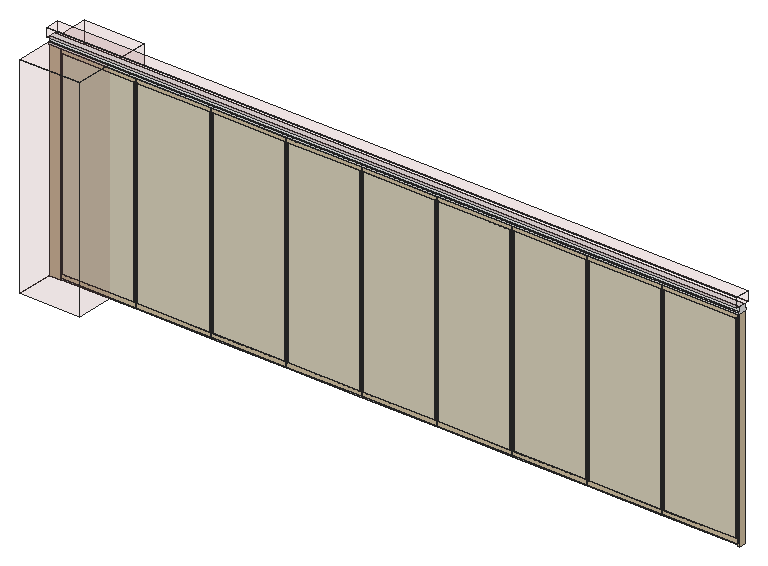
Revit family "Partition_Corflex_5500_Series_Inside_Pocket", category Specialty Equipment, Revit 2023
Family settings
  Round Connector Dimension = Use Diameter
  Part Type = Normal
  OmniClass Number = 23.25.40.17.11
  OmniClass Title = Horizontally Sliding Partitions
  Work Plane-Based = No
  Enable Cutting in Views = No
  Always vertical = Yes
  Cut with Voids When Loaded = No
  Maintain Annotation Orientation = No
  Shared = No
  Room Calculation Point = No
Parameters (values of type "Without Pocket")
  Track back offset [instance] = 0 mm  # constant formula
  Unit Height [instance] = Opening Height Auxiliary - Finished Floor Thickness - Track Location Control  # 3022.6 mm
  URL = "http://www.corflex.ca/"
  Track Lenght [instance] = 10000 mm
  Track front offset [instance] = 0 mm  # constant formula
  Track Width Above = 88.9 mm  # constant formula
  Track Width = 127 mm  # constant formula
  Track Location Control [instance] = if(Flush Ceiling Track, 0 mm, 25.4 mm)  # 25.4 mm
  Track Height = 88.9 mm  # constant formula
  Swing Angle [instance] = if(Limit Pocket Door Swing Angle, 90.00°, 135.00°)  # 135.00°
  Show Stacked [instance] = no
  Pocket Walls = no
  Panel Width Stacked [instance] = Panel Width  # 1090 mm
  Stack Spacing Plan Control [instance] = Stack Spacing Plan / 2  # 46 mm
  Stack Spacing Plan [instance] = Panel Thickness + Field Decoration Allowance  # 92 mm
  Stack Depth Allowance [instance] = if(Panel Finish Carpet, 12.7 mm, 3.969 mm)  # 3.969 mm
  Stack Depth [instance] = (Panel Thickness * Total Panel Quantity) + 38 mm  # 866 mm
  Specification sheet = ""
  Specification = "https://www.arcat.com/company/corflex-partitions-inc-39436/spec"
  Show Extended [instance] = not(Show Stacked)  # yes
  Product Page URL = "https://www.arcat.com/company/corflex-partitions-inc-39436"
  Panel Thickness [instance] = 92 mm  # constant formula
  Opening Width [instance] = 10000 mm
  Panel Quantity Auxiliary [instance] = roundup((Opening Width - Closure Width Trail - Closure Width Lead Standard) / Panel Width Max) + Additional Panel Quantity  # 9
  Total Panel Quantity [instance] = (roundup((Opening Width - Closure Width Trail - Closure Width Lead Calculated) / Panel Width Max)) + Additional Panel Quantity  # 9
  Opening Height [instance] = 3048 mm
  Keynote = "10 22 26"
  Pocket Doors = no
  Pocket Door Type = if(Enter Pocket Door Type = 0, "None", if(Enter Pocket Door Type = 2, "2", if(Enter Pocket Door Type = 3, "3", "Invalid")))  # "3"
  Flush Ceiling Track [instance] = no
  Enter Pocket Door Type = 3  # constant formula
  Pocket Door Left Opening [instance] = if(Enter Pocket Door Type = 3, (Clearance Width - 159 mm) / 2, Clearance Width - Pocket Door Right Opening)  # 503.5 mm
  Pocket Door Right Opening [instance] = if(Enter Pocket Door Type = 3, (Clearance Width - 159 mm) / 2, if(Enter Pocket Door Type = 2, (Clearance Width / 2) + 88.9 mm, Clearance Width / 2))  # 503.5 mm
  Partition Width [instance] = (Panel Width * Total Panel Quantity) + Closure Width Lead Calculated + Closure Width Trail  # 10000 mm
  Panel Width Min = 533 mm  # constant formula
  Panel Width Max = 1219 mm  # constant formula
  Panel Width [instance] = if(((Opening Width - Closure Width Trail - Closure Width Lead Calculated) / Total Panel Quantity) > 1219 mm, ((Opening Width - Closure Width Trail - Closure Width Lead Calculated) / (Total Panel Quantity + 1)), ((Opening Width - Closure Width Trail - Closure Width Lead Calculated) / Total Panel Quantity))  # 1090 mm
  Panel Finish Vinyl [instance] = not(Panel Finish Carpet)  # yes
  Panel Finish Carpet [instance] = no
  Model = "5500"  # constant formula
  Manufacturer Telephone = "1 877 410-2422 or (1) 450 444-2441"  # constant formula
  Manufacturer = "Corflex, Inc."  # constant formula
  Limit Pocket Door Swing Angle [instance] = no
  Finished Floor Thickness [instance] = 0 mm
  Finish Material Track = Corflex - Track - Clear anodized
  Finish Material Pocket Door = Corflex - Vinyl - Blizzard
  Finish Material Panel = Corflex - Vinyl - Blizzard
  Finish Material Metal = Corflex - Trim - Beige
  Field Decoration Allowance [instance] = 0 mm
  Default Elevation = 0 mm
  Description = "Operable Partition"  # constant formula
  Copyright = "ARCAT"
  Closure Width Trail = 152 mm  # constant formula
  Closure Width Lead Calculated [instance] = if(and(Panel Quantity Auxiliary > 15, Closure Width Lead 102 mm Only Available if Panel Quantity Exceeds 15 Panels), 102 mm, if(and(Panel Quantity Auxiliary > 15, Closure Width Lead 114 mm Only Available if Panel Quantity Exceeds 15 Panels), 114 mm, if(and(Panel Quantity Auxiliary > 15, Closure Width Lead 152 mm Only Available if Panel Quantity Exceeds 15 Panels), 152 mm, 38 mm)))  # 38 mm
  Closure Width Lead 152 mm Only Available if Panel Quantity Exceeds 15 Panels [instance] = no
  Closure Width Lead 114 mm Only Available if Panel Quantity Exceeds 15 Panels [instance] = no
  Closure Width Lead 102 mm Only Available if Panel Quantity Exceeds 15 Panels [instance] = no
  Closure Width Lead Standard = 38 mm  # constant formula
  Closure Type Trail = "Lever"  # constant formula
  Closure Type Lead = if(Closure Width Lead Standard = 38 mm, "Bulb Seal", if(Closure Width Lead Standard = 154 mm, "Lever", if(Closure Width Lead Standard = 102 mm, "Wall Jamb", "Contact Manufacturer")))  # "Bulb Seal"
  Clearance Width [instance] = if(and(Pocket Doors, Pocket Walls), Panel Width + 400 mm, if(and(not(Pocket Doors), Pocket Walls), Panel Width + 304 mm, Panel Width + 76 mm))  # 1166 mm
  Clearance Depth [instance] = if(and(Pocket Doors, Pocket Walls), (Panel Thickness * Total Panel Quantity) + 240 mm, if(and(not(Pocket Doors), Pocket Walls), (Panel Thickness * Total Panel Quantity) + 140 mm, (Panel Thickness * Total Panel Quantity) + 38 mm))  # 866 mm
  Opening Height Auxiliary [instance] = if(and(Additional Panel Quantity < 0, ((Opening Width - Closure Width Trail - Closure Width Lead Calculated) / Total Panel Quantity) > 1219 mm), -50 mm, if(Opening Height > 6096 mm, 6096 mm, Opening Height))  # 3048 mm
  CSI MasterFormat 2004 = "10 22 26"
  CSI MasterFormat = "10 22 39"
  CAD Details = "https://www.arcat.com/company/corflex-partitions-inc-39436/cad"
  Assembly Code = "C1010300"
  Additional Panel Quantity [instance] = 0
  Acoustic Seal [instance] = yes
  Door Panel Position From Left [instance] = Panel Width / 2  # 545 mm
Types (3, lengths in mm): name | Track Lenght | Pocket Walls | Pocket Doors | Pocket Door Left Opening | Pocket Door Right Opening | Clearance Width | Clearance Depth
  Without Pocket | 10000 | no | no | 503.5 | 503.5 | 1166 | 866
  Inside Pocket | 11000 | yes | no | 617.5 | 617.5 | 1394 | 968
  Inside Pocket with Door | 10000 | yes | yes | 665.5 | 665.5 | 1490 | 1068
Reference planes
  plane 1 "Center (Front/Back)": y = 0
  plane 2 "Origin": z = 0
  plane 3 "Left": x = 0
  plane 4 "Right": x = 10000
  plane 5 "Back Panel": y = 46
  plane 6 "Front Panel": y = -46
  plane 7 "Back": y = 583
  plane 8 "Front": y = -583
  plane 9 "Back Track": y = 63.5
  plane 10 "Front Track": y = -63.5
  plane 11 "Array First Extended": x = 152
  plane 12 "Array Second Extended": x = 1242
  plane 13 "Right Clearance": x = 866
  plane 14 "Right Stack Depth": x = 866
  plane 15 "Right Closure Lead": x = 9962
  plane 16 "Top Clearance": z = 3251.2
  plane 17 "Bottom Panel": z = 0
  plane 18 "Top": z = 3111.5
  plane 19 "Bottom Track": z = 3022.6
  plane 20 "Center Track (Elevation)": z = 3048
  plane 21 "Ceiling Height": z = 3048
  plane 22 "Array First Stacked Control": x = 3.969
  plane 23 "Panel Thickness": x = 95.969
  plane 24 "Array Second Stacked Control": x = 99.937
  plane 25 "Back Track Clearance": y = 101.6
  plane 26 "Front Track Clearance": y = -101.6
  plane 27 "Array First Stacked": x = 49.969
  plane 28 "Array Second Stacked": x = 145.937
  plane 29: x = 10000
  plane 30: x = 0
Forms (mm)
  Extrusion 1, solid, material "Corflex - Track - Clear anodized" <- "Finish Material Track"
    sketch origin (0, 0, 0) x (0, 1, 0) y (0, 0, 1)
      loop
        line (44.45, 3111.5) -> (-44.45, 3111.5) -> (-44.45, 3048) -> (-63.5, 3048) -> (-63.5, 3022.6) -> (63.5, 3022.6) -> (63.5, 3048) -> (44.45, 3048) -> (44.45, 3111.5)
    from 0 to 10000
  Extrusion 2, solid, material "Corflex - Clearance beam and track"
    sketch origin (0, 0, 0) x (1, 0, 0) y (0, 1, 0)
      loop
        line (866, 583) -> (0, 583) -> (0, -583) -> (866, -583) -> (866, 583)
    from 0 to 3048
  Extrusion 3, solid, material "Corflex - Clearance beam and track"
    sketch origin (0, 0, 0) x (0, 1, 0) y (0, 0, 1)
      loop
        line (101.6, 3251.2) -> (-101.6, 3251.2) -> (-101.6, 3111.5) -> (101.6, 3111.5) -> (101.6, 3251.2)
    from 0 to 10000
  Extrusion 4, solid, visible <- "Pocket Walls"
    sketch origin (0, 0, 0) x (1, 0, 0) y (0, 1, 0)
      loop
        line (866, -760.8) -> (866, -583) -> (0, -583) -> (0, -760.8) -> (866, -760.8)
      loop
        line (866, 760.8) -> (0, 760.8) -> (0, 583) -> (866, 583) -> (866, 760.8)
    from 0 to 3022.6
Lines and regions (mm)
  symbolic lines, style "Clearance"
    curve 1: line (0, 0, 3251.2) -> (10000, 0, 3251.2)
    curve 2: line (0, 0, 3251.2) -> (0, 0, 0)
    curve 3: line (866, 0, 3048) -> (866, 0, 0)
    curve 4: line (10000, 0, 3251.2) -> (10000, 0, 3048)
    curve 6: line (0, 583, 3048) -> (0, 583, 0)
    curve 7: line (0, -583, 3048) -> (0, -583, 0)
    curve 10: line (0, 0, 3048) -> (10000, 0, 3048)
    curve 11: line (0, 583, 0) -> (0, -583, 0)
    curve 12: line (0, 101.6, 3251.2) -> (0, -101.6, 3251.2)
    curve 13: line (0, 101.6, 3251.2) -> (0, 101.6, 3048)
    curve 14: line (0, -101.6, 3251.2) -> (0, -101.6, 3048)
    curve 15: line (0, 583, 3048) -> (0, 101.6, 3048)
    curve 16: line (0, -101.6, 3048) -> (0, -583, 3048)
    curve 19: line (0, 0, 0) -> (866, 0, 0)
    curve 20: line (0, 583, 0) -> (0, -583, 0)
    curve 21: line (866, 583, 0) -> (0, 583, 0)
    curve 22: line (866, -583, 0) -> (0, -583, 0)
    curve 23: line (866, 583, 0) -> (866, -583, 0)
    curve 24: line (0, 583, 0) -> (0, -583, 0)
    curve 25: line (866, 583, 0) -> (866, -583, 0)
  symbolic lines, style "Clearance", detail levels medium+fine
    curve 5: line (0, 101.6, 3251.2) -> (0, -101.6, 3251.2)
  symbolic lines, style "Overhead"
    curve 8: line (10000, 63.5, 3048) -> (0, 63.5, 3048)
    curve 9: line (10000, -63.5, 3048) -> (0, -63.5, 3048)
    curve 17: line (10000, 63.5, 3048) -> (10000, -63.5, 3048)
    curve 18: line (0, 63.5, 3048) -> (0, -63.5, 3048)
Dimensions and locks
  equal spacing: plane 8 "Front", plane 1 "Center (Front/Back)", plane 7 "Back"
  "Clearance Width": plane 8 "Front" to plane 7 "Back"
  "Track Width": plane 10 "Front Track" to plane 9 "Back Track"
  equal spacing: plane 10 "Front Track", plane 1 "Center (Front/Back)", plane 9 "Back Track"
  "Panel Thickness": plane 6 "Front Panel" to plane 5 "Back Panel"
  equal spacing: plane 6 "Front Panel", plane 1 "Center (Front/Back)", plane 5 "Back Panel"
  "Opening Width": plane 3 "Left" to plane 4 "Right"
  "Panel Width": plane 11 "Array First Extended" to plane 12 "Array Second Extended"
  "Clearance Depth": plane 3 "Left" to plane 13 "Right Clearance"
  "Stack Depth": plane 3 "Left" to plane 14 "Right Stack Depth"
  "Closure Width Lead Calculated": plane 15 "Right Closure Lead" to plane 4 "Right"
  "Finished Floor Thickness": plane 17 "Bottom Panel" to level
  "Track Height": plane 18 "Top" to plane 19 "Bottom Track"
  locked: plane 20 "Center Track (Elevation)" to plane 19 "Bottom Track" at 25.4
  "Track Location Control": plane 21 "Ceiling Height" to plane 19 "Bottom Track"
  "Opening Height Auxiliary": plane 21 "Ceiling Height" to level
  locked: plane 16 "Top Clearance" to plane 21 "Ceiling Height" at 203.2
  equal spacing: group 1, group 2, group 3, group 4, group 9, group 10, group 11, group 12, group 17  (x3)
  "Stack Depth Allowance": plane 3 "Left" to plane 22 "Array First Stacked Control"
  "Stack Spacing Plan": plane 22 "Array First Stacked Control" to plane 23 "Panel Thickness"
  "Stack Depth Allowance": plane 23 "Panel Thickness" to plane 24 "Array Second Stacked Control"
  "Track Width Above": Extrusion 1 sketch curve to Extrusion 1 sketch curve
  locked: plane 26 "Front Track Clearance" to plane 25 "Back Track Clearance" at 203.2
  equal spacing: plane 26 "Front Track Clearance", plane 1 "Center (Front/Back)", plane 25 "Back Track Clearance"
  equal spacing: Extrusion 1 sketch curve, plane 1 "Center (Front/Back)", Extrusion 1 sketch curve
  "Stack Spacing Plan Control": plane 24 "Array Second Stacked Control" to plane 28 "Array Second Stacked"
  equal spacing: plane 22 "Array First Stacked Control", plane 27 "Array First Stacked", plane 23 "Panel Thickness"
  equal spacing: group 5, group 6, group 7, group 8, group 13, group 14, group 15, group 16, group 18  (x3)
  "Track back offset": plane 30 to plane 3 "Left"
  "Track front offset": plane 4 "Right" to plane 29
  "Track Lenght": plane 30 to plane 29
  "Closure Width Trail": plane 3 "Left" to plane 11 "Array First Extended"
  locked: plane 7 "Back" to Extrusion 4 sketch curve at 177.8
  locked: Extrusion 4 sketch curve to plane 8 "Front" at 177.8
  aligned and locked: plane 2 "Origin" to level
  aligned and locked: plane 1 "Center (Front/Back)" to nested 1
  aligned and locked: Extrusion 2 sketch curve to plane 7 "Back"
  aligned and locked: Extrusion 2 sketch curve to plane 3 "Left"
  aligned and locked: Extrusion 2 sketch curve to plane 8 "Front"
  aligned and locked: Extrusion 1 sketch curve to plane 19 "Bottom Track"
  aligned and locked: Extrusion 1 sketch curve to plane 20 "Center Track (Elevation)"  (x2)
  aligned and locked: Extrusion 1 sketch curve to plane 18 "Top"
  aligned and locked: Extrusion 1 sketch curve to plane 9 "Back Track"
  aligned and locked: Extrusion 1 sketch curve to plane 10 "Front Track"
  aligned and locked: nested 5 to plane 1 "Center (Front/Back)"
  aligned and locked: plane 1 "Center (Front/Back)" to nested 6
  aligned and locked: plane 4 "Right" to nested 6
  aligned and locked: plane 16 "Top Clearance" to Extrusion 3 sketch curve
  aligned and locked: curve 1 to plane 16 "Top Clearance"
  aligned and locked: curve 2 to plane 3 "Left"
  aligned and locked: curve 3 to plane 13 "Right Clearance"
  aligned and locked: curve 4 to plane 4 "Right"
  aligned and locked: plane 21 "Ceiling Height" to curve 3
  aligned and locked: plane 7 "Back" to curve 6
  aligned and locked: plane 8 "Front" to curve 7
  aligned and locked: curve 8 to plane 9 "Back Track"
  aligned and locked: plane 3 "Left" to curve 8
  aligned and locked: plane 4 "Right" to curve 8
  aligned and locked: curve 9 to plane 10 "Front Track"
  aligned and locked: Extrusion 3 sketch curve to plane 25 "Back Track Clearance"
  aligned and locked: Extrusion 3 sketch curve to plane 26 "Front Track Clearance"
  aligned and locked: plane 3 "Left" to curve 10
  aligned and locked: curve 10 to plane 21 "Ceiling Height"
  aligned and locked: plane 4 "Right" to curve 10
  aligned and locked: plane 1 "Center (Front/Back)" to nested 7
  aligned and locked: nested 7 to plane 13 "Right Clearance"
  aligned and locked: plane 17 "Bottom Panel" to curve 11
  aligned and locked: plane 16 "Top Clearance" to curve 12
  aligned and locked: plane 25 "Back Track Clearance" to curve 13
  aligned and locked: plane 26 "Front Track Clearance" to curve 14
  aligned and locked: plane 21 "Ceiling Height" to curve 15
  aligned and locked: plane 21 "Ceiling Height" to curve 16
  aligned and locked: curve 19 to plane 17 "Bottom Panel"
  aligned and locked: curve 23 to plane 13 "Right Clearance"
  aligned and locked: curve 20 to plane 3 "Left"
  aligned and locked: plane 27 "Array First Stacked" to nested 8
  aligned and locked: plane 28 "Array Second Stacked" to nested 9
  aligned and locked: nested 9 to plane 1 "Center (Front/Back)"
  aligned and locked: Extrusion 3 to plane 18 "Top"
  aligned and locked: plane 14 "Right Stack Depth" to Extrusion 2
  aligned and locked: plane 29 to Extrusion 1
  aligned and locked: plane 29 to Extrusion 3
  aligned and locked: Extrusion 1 to plane 30
  aligned and locked: Extrusion 3 to plane 30
  aligned and locked: plane 21 "Ceiling Height" to Extrusion 2
  aligned and locked: nested 8 to plane 1 "Center (Front/Back)"
  aligned and locked: plane 1 "Center (Front/Back)" to nested 20
  aligned and locked: plane 11 "Array First Extended" to nested 1
  aligned and locked: plane 12 "Array Second Extended" to nested 2
  aligned and locked: nested 5 to plane 3 "Left"
  aligned and locked: Extrusion 4 sketch curve to plane 3 "Left"
  aligned and locked: plane 7 "Back" to Extrusion 4 sketch curve
  aligned and locked: plane 13 "Right Clearance" to Extrusion 4 sketch curve
  aligned and locked: plane 8 "Front" to Extrusion 4 sketch curve
  aligned and locked: Extrusion 4 sketch curve to plane 13 "Right Clearance"
  aligned and locked: plane 3 "Left" to Extrusion 4 sketch curve
  aligned and locked: plane 19 "Bottom Track" to Extrusion 4
  aligned and locked: curve 21 to plane 7 "Back"
  aligned and locked: curve 22 to plane 8 "Front"
Automatic sketch dimensions
  Extrusion 2 sketch curve to plane 14 "Right Stack Depth" = 0 mm
  Extrusion 3 sketch curve to plane 18 "Top" = 0 mm
Nested families
  nested 1: "Panel" at (697, 0, 0), visible <- "Show Extended", Acoustic Seal <- "Acoustic Seal", type "Extended"
    with Acoustic Seal yes
  nested 2: "Panel" at (1787, 0, 0), visible <- "Show Extended", Acoustic Seal <- "Acoustic Seal", type "Extended"
    with Acoustic Seal yes
  nested 3: "Panel" at (2877, 0, 0), visible <- "Show Extended", Acoustic Seal <- "Acoustic Seal", type "Extended"
    with Acoustic Seal yes
  nested 4: "Panel" at (3967, 0, 0), visible <- "Show Extended", Acoustic Seal <- "Acoustic Seal", type "Extended"
    with Acoustic Seal yes
  nested 5: "Closure" at (152, 0, 0) x (-1, 0, 0) z (0, 0, 1), type "Trail"
    with Show Stacked no, Show Extended yes, Panel Thickness 92 mm, Not Flange yes, Masking Region Depth 0 mm, Height 3022.6 mm, Closure Width 152 mm, Ceiling Height 3048 mm, Bottom Seal Height 25 mm
  nested 6: "Closure" at (9962, 0, 0), type "Lead"
    with Show Stacked no, Show Extended yes, Panel Thickness 92 mm, Not Flange yes, Masking Region Depth 0 mm, Height 3022.6 mm, Closure Width 38 mm, Ceiling Height 3048 mm, Bottom Seal Height 25 mm
  nested 7: "Pocket Door Multiple" at (866, 0, 0) x (0, -1, 0) z (0, 0, 1), visible <- "Pocket Doors", type "Pocket Door Multiple"
    with Width 1166 mm, Left Panel Width 455.875 mm, Right Panel Width 455.875 mm, Left Opening 503.5 mm, Right Opening 503.5 mm
  nested 8: "Panel" at (49.969, 0, 0) x (0, 1, 0) z (0, 0, 1), visible <- "Show Stacked", type "Stacked"
    with Acoustic Seal no
  nested 9: "Panel" at (145.938, 0, 0) x (0, 1, 0) z (0, 0, 1), visible <- "Show Stacked", type "Stacked"
    with Acoustic Seal no
  nested 10: "Panel" at (241.906, 0, 0) x (0, 1, 0) z (0, 0, 1), visible <- "Show Stacked", type "Stacked"
    with Acoustic Seal no
  nested 11: "Panel" at (337.875, 0, 0) x (0, 1, 0) z (0, 0, 1), visible <- "Show Stacked", type "Stacked"
    with Acoustic Seal no
  nested 12: "Panel" at (5057, 0, 0), visible <- "Show Extended", Acoustic Seal <- "Acoustic Seal", type "Extended"
    with Acoustic Seal yes
  nested 13: "Panel" at (6147, 0, 0), visible <- "Show Extended", Acoustic Seal <- "Acoustic Seal", type "Extended"
    with Acoustic Seal yes
  nested 14: "Panel" at (7237, 0, 0), visible <- "Show Extended", Acoustic Seal <- "Acoustic Seal", type "Extended"
    with Acoustic Seal yes
  nested 15: "Panel" at (8327, 0, 0), visible <- "Show Extended", Acoustic Seal <- "Acoustic Seal", type "Extended"
    with Acoustic Seal yes
  nested 16: "Panel" at (433.844, 0, 0) x (0, 1, 0) z (0, 0, 1), visible <- "Show Stacked", type "Stacked"
    with Acoustic Seal no
  nested 17: "Panel" at (529.812, 0, 0) x (0, 1, 0) z (0, 0, 1), visible <- "Show Stacked", type "Stacked"
    with Acoustic Seal no
  nested 18: "Panel" at (625.781, 0, 0) x (0, 1, 0) z (0, 0, 1), visible <- "Show Stacked", type "Stacked"
    with Acoustic Seal no
  nested 19: "Panel" at (721.75, 0, 0) x (0, 1, 0) z (0, 0, 1), visible <- "Show Stacked", type "Stacked"
    with Acoustic Seal no
  nested 20: "Panel Center Line" at (49.969, 0, 0), Panel Width Stacked <- "Panel Width Stacked", type "Panel Center Line"
    with Panel Width Stacked 1090 mm
  nested 21: "Panel Center Line" at (145.937, 0, 0), Panel Width Stacked <- "Panel Width Stacked", type "Panel Center Line"
    with Panel Width Stacked 1090 mm
  nested 22: "Panel Center Line" at (241.906, 0, 0), Panel Width Stacked <- "Panel Width Stacked", type "Panel Center Line"
    with Panel Width Stacked 1090 mm
  nested 23: "Panel Center Line" at (337.875, 0, 0), Panel Width Stacked <- "Panel Width Stacked", type "Panel Center Line"
    with Panel Width Stacked 1090 mm
  nested 24: "Panel Center Line" at (433.844, 0, 0), Panel Width Stacked <- "Panel Width Stacked", type "Panel Center Line"
    with Panel Width Stacked 1090 mm
  nested 25: "Panel Center Line" at (529.812, 0, 0), Panel Width Stacked <- "Panel Width Stacked", type "Panel Center Line"
    with Panel Width Stacked 1090 mm
  nested 26: "Panel Center Line" at (625.781, 0, 0), Panel Width Stacked <- "Panel Width Stacked", type "Panel Center Line"
    with Panel Width Stacked 1090 mm
  nested 27: "Panel Center Line" at (721.75, 0, 0), Panel Width Stacked <- "Panel Width Stacked", type "Panel Center Line"
    with Panel Width Stacked 1090 mm
  nested 28: "Panel" at (9417, 0, 0), visible <- "Show Extended", Acoustic Seal <- "Acoustic Seal", type "Extended"
    with Acoustic Seal yes
  nested 29: "Panel" at (817.719, 0, 0) x (0, 1, 0) z (0, 0, 1), visible <- "Show Stacked", type "Stacked"
    with Acoustic Seal no
  nested 30: "Panel Center Line" at (817.719, 0, 0), Panel Width Stacked <- "Panel Width Stacked", type "Panel Center Line"
    with Panel Width Stacked 1090 mm
Definition of nested family "Panel"
  Parameters (values of type "Extended")
    Width = 1090 mm
    URL = ""
    Panic lever Length = Width - 90 mm  # 1000 mm
    Panel Thickness = 92 mm
    Manufacturer = ""
    Keynote = ""
    Height = 3022.6 mm
    Finished Floor Thickness = 0 mm
    Finish Material Metal = none
    Finish Material Panel = none
    Default Elevation = 0 mm
    Acoustic Seal [instance] = yes
  Types (2): name
    Stacked
    Extended
  Reference planes
    plane 1 "Center (Front/Back)": y = 0
    plane 2: z = 0
    plane 3 "Left": x = -545
    plane 4 "Right": x = 545
    plane 5 "Bottom Panel": z = 25
    plane 6 "Top": z = 2997.6
    plane 7 "Top Seal": z = 2972.2
    plane 8 "Bottom Seal": z = 63.1
    plane 9 "Left Panel": x = -522.775
    plane 10 "Right Trim": x = 522.775
    plane 11 "Top Trim": z = 2946.8
    plane 12 "Bottom Trim": z = 88.5
    plane 13 "Center (Left/Right)": x = 0
    plane 14 "Back": y = 46
    plane 15 "Front": y = -46
    plane 16 "Back Seal": y = 25.362
    plane 17 "Front Seal": y = -25.363
    plane 18: z = 900
    plane 19: z = 0
    plane 20: z = 3022.6
  Forms (mm)
    Extrusion 1, solid, material <- "Finish Material Panel"
      sketch origin (0, 0, 0) x (1, 0, 0) y (0, 1, 0)
        loop
          line (-522.775, 46) -> (-522.775, -46) -> (522.775, -46) -> (522.775, 46) -> (-522.775, 46)
      from 88.5 to 2946.8
    Extrusion 2, solid, material <- "Finish Material Metal"
      sketch origin (-545, 0, 0) x (0, 1, 0) y (0, 0, 1)
        loop
          line (46, 25) -> (46, 88.5) -> (-46, 88.5) -> (-46, 25) -> (46, 25)
        loop
          line (46, 2997.6) -> (-46, 2997.6) -> (-46, 2946.8) -> (46, 2946.8) -> (46, 2997.6)
      from 0 to 1090
    Extrusion 3, solid, material <- "Finish Material Metal"
      sketch origin (-622.3, 0, 0) x (1, 0, 0) y (0, 1, 0)
        loop
          line (77.3, 46) -> (77.3, -46) -> (99.525, -46) -> (99.525, 46) -> (77.3, 46)
        loop
          line (1167.3, 46) -> (1145.075, 46) -> (1145.075, -46) -> (1167.3, -46) -> (1167.3, 46)
      from 88.5 to 2946.8
    Extrusion 4, solid
      sketch origin (-5.333, -447.76, 0) x (1, 0, 0) y (0, 1, 0)
        loop
          line (-539.667, 473.122) -> (-539.667, 422.397) -> (550.333, 422.397) -> (550.333, 473.122) -> (-539.667, 473.122)
      from 0 to 25
    Extrusion 5, solid, visible <- "Acoustic Seal"
      sketch origin (-5.333, -447.76, 4120) x (1, 0, 0) y (0, 1, 0)
        loop
          line (-539.667, 473.122) -> (-539.667, 422.397) -> (550.333, 422.397) -> (550.333, 473.122) -> (-539.667, 473.122)
      from -1122.4 to -1097.4
  Lines and regions (mm)
    Masking region 1
      outline origin (0, 0, 0) x (1, 0, 0) y (0, 1, 0)
        loop
          line (545, 46) -> (-545, 46) -> (-545, -46) -> (545, -46) -> (545, 46)
    reference lines
      curve 1: line (-545, 46, 0) -> (-545, -46, 0)
      curve 2: line (545, 46, 0) -> (545, -46, 0)
      curve 3: line (-545, 0, 2997.6) -> (-545, 0, 0)
      curve 4: line (545, 0, 2997.6) -> (545, 0, 0)
  Dimensions and locks
    "Height": plane 20 to plane 19
    locked: plane 6 "Top" to plane 7 "Top Seal" at 25.4
    locked: plane 8 "Bottom Seal" to plane 5 "Bottom Panel" at 38.1
    locked: plane 7 "Top Seal" to plane 11 "Top Trim" at 25.4
    locked: plane 12 "Bottom Trim" to plane 8 "Bottom Seal" at 25.4
    "Panel Thickness": plane 15 "Front" to plane 14 "Back"
    "Width": plane 4 "Right" to plane 3 "Left"
    equal spacing: plane 4 "Right", plane 13 "Center (Left/Right)", plane 3 "Left"
    "Finished Floor Thickness": plane 19 to plane 2
    equal spacing: plane 15 "Front", plane 1 "Center (Front/Back)", plane 14 "Back"
    locked: plane 16 "Back Seal" to plane 14 "Back" at 20.638
    locked: plane 15 "Front" to plane 17 "Front Seal" at 20.637
    locked: plane 18 to plane 19 at 900
    plane 10 "Right Trim" to plane 9 "Left Panel" = 1045.55 mm
    locked: plane 5 "Bottom Panel" to plane 19 at 25
    locked: plane 20 to plane 6 "Top" at 25
    locked: plane 3 "Left" to plane 9 "Left Panel" at 22.225
    locked: plane 10 "Right Trim" to plane 4 "Right" at 22.225
    aligned and locked: plane 2 to level
    aligned and locked: plane 11 "Top Trim" to Extrusion 1
    aligned and locked: Extrusion 1 to plane 12 "Bottom Trim"
    aligned and locked: curve 1 to plane 3 "Left"
    aligned and locked: curve 2 to plane 4 "Right"
    aligned and locked: curve 3 to plane 3 "Left"
    aligned and locked: curve 4 to plane 4 "Right"
    aligned and locked: plane 6 "Top" to curve 3
    aligned and locked: plane 6 "Top" to curve 4
    aligned and locked: plane 2 to curve 3
    aligned and locked: plane 2 to curve 4
    aligned and locked: Extrusion 2 to plane 3 "Left"
    aligned and locked: plane 4 "Right" to Extrusion 2
    aligned and locked: Extrusion 3 to plane 12 "Bottom Trim"
    aligned and locked: plane 11 "Top Trim" to Extrusion 3
    aligned and locked: Masking region 1 sketch curve to plane 14 "Back"
    aligned and locked: Masking region 1 sketch curve to plane 15 "Front"
    aligned and locked: Masking region 1 sketch curve to plane 3 "Left"
    aligned and locked: Masking region 1 sketch curve to plane 4 "Right"
    aligned and locked: plane 2 to curve 1
    aligned and locked: plane 2 to curve 2
    aligned and locked: Extrusion 4 to plane 3 "Left"
    aligned and locked: plane 4 "Right" to Extrusion 4
    aligned and locked: Extrusion 4 to plane 16 "Back Seal"
    aligned and locked: plane 17 "Front Seal" to Extrusion 4
    aligned and locked: Extrusion 4 to plane 19
    aligned and locked: plane 5 "Bottom Panel" to Extrusion 4
    aligned and locked: Extrusion 5 to plane 3 "Left"
    aligned and locked: plane 4 "Right" to Extrusion 5
    aligned and locked: Extrusion 5 to plane 6 "Top"
    aligned and locked: Extrusion 5 to plane 20
    aligned and locked: Extrusion 3 to plane 10 "Right Trim"  (x2)
    aligned and locked: plane 9 "Left Panel" to Extrusion 3  (x2)
    aligned and locked: plane 10 "Right Trim" to Extrusion 1
    aligned and locked: Extrusion 1 to plane 9 "Left Panel"
    aligned and locked: plane 5 "Bottom Panel" to Extrusion 2 sketch curve
  Automatic sketch dimensions
    plane 15 "Front" to Extrusion 1 sketch curve = 0 mm
    plane 14 "Back" to Extrusion 1 sketch curve = 0 mm
    Extrusion 2 sketch curve to plane 11 "Top Trim" = 0 mm
    Extrusion 2 sketch curve to plane 15 "Front" = 0 mm  (x2)
    Extrusion 2 sketch curve to plane 14 "Back" = 0 mm  (x2)
    Extrusion 2 sketch curve to plane 6 "Top" = 0 mm
    Extrusion 2 sketch curve to plane 12 "Bottom Trim" = 0 mm
    Extrusion 3 sketch curve to plane 3 "Left" = 0 mm
    Extrusion 3 sketch curve to plane 4 "Right" = 0 mm
    plane 15 "Front" to Extrusion 3 sketch curve = 0 mm  (x2)
    plane 14 "Back" to Extrusion 3 sketch curve = 0 mm  (x2)
    Extrusion 4 sketch curve to plane 3 "Left" = 0 mm
    Extrusion 4 sketch curve to plane 4 "Right" = 0 mm
    plane 17 "Front Seal" to Extrusion 4 sketch curve = 0 mm
    plane 16 "Back Seal" to Extrusion 4 sketch curve = 0 mm
    Extrusion 5 sketch curve to plane 3 "Left" = 0 mm
    Extrusion 5 sketch curve to plane 4 "Right" = 0 mm
    plane 17 "Front Seal" to Extrusion 5 sketch curve = 0 mm
    plane 16 "Back Seal" to Extrusion 5 sketch curve = 0 mm
    Extrusion 1 sketch curve to plane 10 "Right Trim" = 0 mm
    Extrusion 3 sketch curve to plane 10 "Right Trim" = 0 mm
    Extrusion 1 sketch curve to plane 9 "Left Panel" = 0 mm
    Extrusion 3 sketch curve to plane 9 "Left Panel" = 0 mm
    plane 15 "Front" to curve 1 = 0 mm
    plane 15 "Front" to curve 2 = 0 mm
    plane 14 "Back" to curve 2 = 0 mm
    plane 14 "Back" to curve 1 = 0 mm
Definition of nested family "Closure"
  Parameters (values of type "Trail")
    URL = ""
    Show Stacked = not(Show Extended)  # yes
    Show Extended = no
    Panel Thickness = 91.976 mm
    Not Flange = and(Show Extended, not(Flange))  # no
    Masking Region Depth = if(Closure Width = 152.4 mm, 12.7 mm, 0 mm)  # 12.7 mm
    Manufacturer = ""
    Keynote = ""
    Height = 2717.8 mm
    Flange = and(Show Extended, Closure Width = 152.4 mm)  # no
    Finished Floor Thickness = 0 mm
    Finish Material Panel = none
    Finish Material Metal = none
    Default Elevation = 0 mm
    Closure Width = 152.4 mm
    Ceiling Height = 2743.2 mm
    Bottom Seal Height = 38.1 mm
  Types (2): name
    Trail
    Lead
  Reference planes
    plane 1 "Center (Front/Back)": y = 0
    plane 2: z = 0
    plane 3 "Left": x = -50.8
    plane 4 "Right": x = 152.4
    plane 5 "Bottom Panel": z = 0
    plane 6 "Top": z = 2717.8
    plane 7 "Center (Left/Right)": x = 0
    plane 8 "Back": y = 45.988
    plane 9 "Front": y = -45.988
    plane 10 "Front Lever Closure": y = -58.688
    plane 11 "Back Lever Closure": y = 58.688
    plane 12 "Back Masking Region": y = 58.688
    plane 13 "Front Masking Region": y = -58.688
    plane 14 "Top Base Trim": z = 63.5
    plane 15 "Top Seal": z = 38.1
    plane 16 "Top Trim": z = 2667
    plane 17 "Left Trim": x = -31.75
    plane 18 "Right Trim": x = 133.35
  Forms (mm)
    Extrusion 1, solid, material <- "Finish Material Panel", visible <- "Flange"
      sketch origin (0, 0, 0) x (1, 0, 0) y (0, 1, 0)
        loop
          line (-31.75, 58.688) -> (-31.75, 45.988) -> (0, 45.988) -> (0, -45.988) -> (-31.75, -45.988) -> (-31.75, -58.688) -> (133.35, -58.688) -> (133.35, 58.688) -> (-31.75, 58.688)
      from 63.5 to 2667
    Extrusion 2, solid, material <- "Finish Material Metal", visible <- "Not Flange"
      sketch origin (0, 0, 0) x (1, 0, 0) y (0, 1, 0)
        loop
          line (152.4, 45.988) -> (0, 45.988) -> (0, -45.988) -> (152.4, -45.988) -> (152.4, 45.988)
      from 0 to 2717.8
    Extrusion 3, solid, material <- "Finish Material Metal", visible <- "Flange"
      sketch origin (0, 0, 0) x (1, 0, 0) y (0, 1, 0)
        loop
          line (-50.8, 58.688) -> (-50.8, 45.988) -> (-31.75, 45.988) -> (-31.75, 58.688) -> (-50.8, 58.688)
        loop
          line (-50.8, -45.988) -> (-50.8, -58.688) -> (-31.75, -58.688) -> (-31.75, -45.988) -> (-50.8, -45.988)
        loop
          line (133.35, 58.688) -> (133.35, -58.688) -> (152.4, -58.688) -> (152.4, 58.688) -> (133.35, 58.688)
      from 63.5 to 2667
    Extrusion 4, solid, material <- "Finish Material Metal", visible <- "Flange"
      sketch origin (0, 0, 0) x (1, 0, 0) y (0, 1, 0)
        loop
          line (152.4, 58.688) -> (-50.8, 58.688) -> (-50.8, 45.988) -> (0, 45.988) -> (0, -45.988) -> (-50.8, -45.988) -> (-50.8, -58.688) -> (152.4, -58.688) -> (152.4, 58.688)
      from 0 to 63.5
    Extrusion 5, solid, material <- "Finish Material Metal", visible <- "Flange"
      sketch origin (0, 0, 0) x (1, 0, 0) y (0, 1, 0)
        loop
          line (152.4, 58.688) -> (-50.8, 58.688) -> (-50.8, 45.988) -> (0, 45.988) -> (0, -45.988) -> (-50.8, -45.988) -> (-50.8, -58.688) -> (152.4, -58.688) -> (152.4, 58.688)
      from 2667 to 2717.8
  Lines and regions (mm)
    Masking region 1, visible <- "Show Extended"
      outline origin (0, 0, 0) x (1, 0, 0) y (0, 1, 0)
        loop
          line (152.4, 58.688) -> (0, 58.688) -> (0, -58.688) -> (152.4, -58.688) -> (152.4, 58.688)
  Dimensions and locks
    "Height": plane 6 "Top" to plane 5 "Bottom Panel"
    "Panel Thickness": plane 9 "Front" to plane 8 "Back"
    "Finished Floor Thickness": plane 5 "Bottom Panel" to plane 2
    equal spacing: plane 9 "Front", plane 1 "Center (Front/Back)", plane 8 "Back"
    "Closure Width": plane 7 "Center (Left/Right)" to plane 4 "Right"
    locked: plane 3 "Left" to plane 7 "Center (Left/Right)" at 50.8
    locked: plane 8 "Back" to plane 11 "Back Lever Closure" at 12.7
    locked: plane 10 "Front Lever Closure" to plane 9 "Front" at 12.7
    "Masking Region Depth": plane 8 "Back" to plane 12 "Back Masking Region"
    "Masking Region Depth": plane 13 "Front Masking Region" to plane 9 "Front"
    "Bottom Seal Height": plane 15 "Top Seal" to plane 5 "Bottom Panel"
    locked: plane 14 "Top Base Trim" to plane 15 "Top Seal" at 25.4
    locked: plane 6 "Top" to plane 16 "Top Trim" at 50.8
    locked: plane 18 "Right Trim" to plane 4 "Right" at 19.05
    locked: plane 3 "Left" to plane 17 "Left Trim" at 19.05
    aligned and locked: plane 2 to level
    aligned and locked: Extrusion 2 sketch curve to plane 9 "Front"
    aligned and locked: Extrusion 2 sketch curve to plane 8 "Back"
    aligned and locked: Extrusion 2 sketch curve to plane 4 "Right"
    aligned and locked: Extrusion 2 sketch curve to plane 7 "Center (Left/Right)"
    aligned and locked: plane 6 "Top" to Extrusion 2
    aligned and locked: Extrusion 2 to plane 5 "Bottom Panel"
    aligned and locked: Masking region 1 sketch curve to plane 4 "Right"
    aligned and locked: Masking region 1 sketch curve to plane 12 "Back Masking Region"
    aligned and locked: Masking region 1 sketch curve to plane 13 "Front Masking Region"
    aligned and locked: Masking region 1 sketch curve to plane 7 "Center (Left/Right)"
    aligned and locked: plane 16 "Top Trim" to Extrusion 1
    aligned and locked: Extrusion 1 to plane 14 "Top Base Trim"
    aligned and locked: Extrusion 3 sketch curve to plane 3 "Left"  (x2)
    aligned and locked: Extrusion 3 sketch curve to plane 17 "Left Trim"  (x2)
    aligned and locked: Extrusion 3 sketch curve to plane 8 "Back"
    aligned and locked: Extrusion 3 sketch curve to plane 11 "Back Lever Closure"  (x2)
    aligned and locked: Extrusion 3 sketch curve to plane 4 "Right"
    aligned and locked: Extrusion 3 sketch curve to plane 18 "Right Trim"
    aligned and locked: Extrusion 3 sketch curve to plane 9 "Front"
    aligned and locked: Extrusion 3 sketch curve to plane 10 "Front Lever Closure"  (x2)
    aligned and locked: Extrusion 3 to Extrusion 1
    aligned and locked: plane 16 "Top Trim" to Extrusion 3
    aligned and locked: Extrusion 4 to plane 5 "Bottom Panel"
    aligned and locked: plane 14 "Top Base Trim" to Extrusion 4
    aligned and locked: Extrusion 5 to plane 16 "Top Trim"
    aligned and locked: plane 6 "Top" to Extrusion 5
    aligned and locked: plane 11 "Back Lever Closure" to Extrusion 1 sketch curve
    aligned and locked: plane 8 "Back" to Extrusion 1 sketch curve
    aligned and locked: plane 9 "Front" to Extrusion 1 sketch curve
    aligned and locked: plane 10 "Front Lever Closure" to Extrusion 1 sketch curve
    aligned and locked: Extrusion 1 sketch curve to plane 18 "Right Trim"
    aligned and locked: Extrusion 1 sketch curve to plane 7 "Center (Left/Right)"
    aligned and locked: Extrusion 1 sketch curve to plane 17 "Left Trim"  (x2)
    aligned and locked: Extrusion 4 sketch curve to plane 11 "Back Lever Closure"
    aligned and locked: Extrusion 4 sketch curve to plane 4 "Right"
    aligned and locked: Extrusion 4 sketch curve to plane 10 "Front Lever Closure"
    aligned and locked: Extrusion 4 sketch curve to plane 3 "Left"  (x2)
    aligned and locked: Extrusion 4 sketch curve to plane 8 "Back"
    aligned and locked: Extrusion 4 sketch curve to plane 9 "Front"
    aligned and locked: Extrusion 4 sketch curve to plane 7 "Center (Left/Right)"
    aligned and locked: Extrusion 5 sketch curve to plane 11 "Back Lever Closure"
    aligned and locked: Extrusion 5 sketch curve to plane 10 "Front Lever Closure"
    aligned and locked: Extrusion 5 sketch curve to plane 4 "Right"
    aligned and locked: Extrusion 5 sketch curve to plane 7 "Center (Left/Right)"
    aligned and locked: Extrusion 5 sketch curve to plane 3 "Left"  (x2)
    aligned and locked: Extrusion 5 sketch curve to plane 8 "Back"
    aligned and locked: Extrusion 5 sketch curve to plane 9 "Front"
Definition of nested family "Pocket Door Multiple"
  Parameters (values of type "Pocket Door Multiple")
    Width = 1490 mm
    Swing Angle = 135.00°
    Show Type 4 = Pckt Type = 4  # no
    Show Type 2-3-4 = or(Pckt Type = 2, Pckt Type = 3, Pckt Type = 4)  # yes
    Show Type 2-3 = or(Pckt Type = 2, Pckt Type = 3)  # yes
    Pckt Type = 3
    Left Panel Width = Left Opening - 47.625 mm  # 617.875 mm
    Right Panel Width = Right Opening - 47.625 mm  # 617.875 mm
    Left Opening = 665.5 mm
    Right Opening = 665.5 mm
    Height = 3022.6 mm
    Finished Floor Thickness = 0 mm
    Finish Material Pocket Door = none
    Finish Material Metal = none
    Default Elevation = 0 mm
    Assembly Code = ""
  Reference planes
    plane 1 "Back": y = 0
    plane 2 "Origin": z = 0
    plane 3 "Front Frame": x = 697.375
    plane 4 "Front Pckt Door": x = 79.5
    plane 5 "Swing Angle Control": y = -9.525
    plane 6 "Back Pckt Door": x = -79.5
    plane 7 "Back Frame": x = -697.375
    plane 8 "Center (Left/Right)": x = 0
    plane 9 "Left": x = -745
    plane 10 "Right": x = 745
    plane 11 "Front": y = -88.9
    plane 12: z = 0
    plane 13: z = 3022.6
  Forms (mm)
    Extrusion 1, solid, material <- "Finish Material Pocket Door"
      sketch origin (0, 0, 0) x (1, 0, 0) y (0, 1, 0)
        loop
          line (-82.675, 0) -> (-697.375, 0) -> (-697.375, -88.9) -> (-82.675, -88.9) -> (-82.675, 0)
        loop
          line (82.675, 0) -> (82.675, -88.9) -> (697.375, -88.9) -> (697.375, 0) -> (82.675, 0)
      from 0 to 3022.6
    Extrusion 2, solid, material <- "Finish Material Metal"
      sketch origin (0, 0, 0) x (1, 0, 0) y (0, 1, 0)
        loop
          line (-745, 0) -> (-745, -88.9) -> (-697.375, -88.9) -> (-697.375, 0) -> (-745, 0)
        loop
          line (697.375, 0) -> (697.375, -88.9) -> (745, -88.9) -> (745, 0) -> (697.375, 0)
      from 0 to 3022.6
  Lines and regions (mm)
    Masking region 1
      outline origin (0, 0, 0) x (1, 0, 0) y (0, 1, 0)
        loop
          line (-79.5, 0) -> (-697.375, 0) -> (-697.375, -88.9) -> (-79.5, -88.9) -> (-79.5, 0)
    Masking region 2
      outline origin (0, 0, 0) x (1, 0, 0) y (0, 1, 0)
        loop
          line (697.375, 0) -> (79.5, 0) -> (79.5, -88.9) -> (697.375, -88.9) -> (697.375, 0)
    Masking region 3
      outline origin (0, 0, 0) x (1, 0, 0) y (0, 1, 0)
        loop
          line (-745, 0) -> (-745, -88.9) -> (-697.375, -88.9) -> (-697.375, 0) -> (-745, 0)
    Masking region 4
      outline origin (0, 0, 0) x (1, 0, 0) y (0, 1, 0)
        loop
          line (697.375, 0) -> (697.375, -88.9) -> (745, -88.9) -> (745, 0) -> (697.375, 0)
    symbolic lines, visible <- "Show Type 2-3-4"
      curve 1: line (697.375, 0, 0) -> (1134.279, 436.904, 0)
      curve 4: arc (1134.279, 436.904, 0) -> (456.531, 569.003, 0) -> (79.573, -9.525, 0) r 617.875
    symbolic lines, visible <- "Show Type 2-3-4", detail levels medium+fine
      curve 2: line (1134.279, 436.904, 0) -> (1071.417, 499.765, 0)
      curve 3: line (697.375, 0, 0) -> (634.513, 62.862, 0)
      curve 7: line (634.513, 62.862, 0) -> (1071.417, 499.765, 0)
    symbolic lines, visible <- "Show Type 4", detail levels medium+fine
      curve 5: line (571.651, 125.724, 0) -> (1008.555, 562.627, 0)
      curve 6: line (634.513, 62.862, 0) -> (571.651, 125.724, 0)
      curve 8: line (1071.417, 499.765, 0) -> (1008.555, 562.627, 0)
    symbolic lines, visible <- "Show Type 2-3"
      curve 9: line (-697.375, 0, 0) -> (-1134.279, 436.904, 0)
      curve 13: arc (-1134.279, 436.904, 0) -> (-456.531, 569.003, 0) -> (-79.573, -9.525, 0) r 617.875
    symbolic lines, visible <- "Show Type 2-3", detail levels medium+fine
      curve 10: line (-634.513, 62.862, 0) -> (-1071.417, 499.765, 0)
      curve 11: line (-697.375, 0, 0) -> (-634.513, 62.862, 0)
      curve 12: line (-1134.279, 436.904, 0) -> (-1071.417, 499.765, 0)
    symbolic lines, visible <- "Show Type 4", detail levels coarse
      curve 14: line (1134.279, 436.904, 0) -> (571.651, 125.724, 0)
    reference lines
      curve 15: line (-79.5, 0, 0) -> (-79.5, -88.9, 0)
      curve 16: line (79.5, 0, 0) -> (79.5, -88.9, 0)
  Dimensions and locks
    "Left Panel Width": curve 2 to curve 3
    locked: curve 7 to curve 1 at 88.9
    "Left Panel Width": plane 4 "Front Pckt Door" to plane 3 "Front Frame"
    locked: curve 7 to curve 5 at 88.9
    locked: plane 5 "Swing Angle Control" to plane 1 "Back" at 9.525
    locked: curve 10 to curve 9 at 88.9
    "Right Panel Width": curve 11 to curve 12
    "Right Panel Width": curve 8 to curve 6
    "Right Panel Width": plane 7 "Back Frame" to plane 6 "Back Pckt Door"
    "Width": plane 9 "Left" to plane 10 "Right"
    equal spacing: plane 9 "Left", plane 8 "Center (Left/Right)", plane 10 "Right"
    "Right Opening": plane 9 "Left" to plane 6 "Back Pckt Door"
    "Left Opening": plane 4 "Front Pckt Door" to plane 10 "Right"
    locked: plane 11 "Front" to plane 1 "Back" at 88.9
    locked: Extrusion 1 sketch curve to plane 6 "Back Pckt Door" at 3.175
    locked: plane 4 "Front Pckt Door" to Extrusion 1 sketch curve at 3.175
    "Finished Floor Thickness": plane 12 to plane 2 "Origin"
    "Height": plane 13 to plane 12
    "Swing Angle": angle curve 1 to plane 1 "Back"
    "Swing Angle": angle curve 5 to plane 1 "Back"
    "Swing Angle": angle plane 1 "Back" to curve 9
    aligned and locked: plane 1 "Back" to curve 1
    aligned and locked: plane 3 "Front Frame" to curve 1
    aligned and locked: plane 3 "Front Frame" to curve 4
    aligned and locked: plane 1 "Back" to curve 4
    aligned and locked: curve 1 to curve 4
    aligned and locked: plane 5 "Swing Angle Control" to curve 4
    aligned and locked: plane 7 "Back Frame" to curve 9
    aligned and locked: plane 1 "Back" to curve 9
    aligned and locked: plane 7 "Back Frame" to curve 13
    aligned and locked: plane 1 "Back" to curve 13
    aligned and locked: plane 5 "Swing Angle Control" to curve 13
    aligned and locked: Extrusion 1 sketch curve to plane 1 "Back"  (x2)
    aligned and locked: Extrusion 1 sketch curve to plane 11 "Front"  (x2)
    aligned and locked: Extrusion 1 sketch curve to plane 7 "Back Frame"
    aligned and locked: Extrusion 1 sketch curve to plane 3 "Front Frame"
    aligned and locked: Extrusion 1 to plane 12
    aligned and locked: plane 13 to Extrusion 1
    aligned and locked: Extrusion 2 sketch curve to plane 9 "Left"
    aligned and locked: Extrusion 2 sketch curve to plane 7 "Back Frame"
    aligned and locked: Extrusion 2 sketch curve to plane 1 "Back"  (x2)
    aligned and locked: Extrusion 2 sketch curve to plane 11 "Front"  (x2)
    aligned and locked: Extrusion 2 sketch curve to plane 10 "Right"
    aligned and locked: Extrusion 2 sketch curve to plane 3 "Front Frame"
    aligned and locked: Extrusion 2 to Extrusion 1
    aligned and locked: Extrusion 2 to plane 12
    aligned and locked: Masking region 1 sketch curve to plane 1 "Back"
    aligned and locked: Masking region 1 sketch curve to plane 11 "Front"
    aligned and locked: Masking region 1 sketch curve to plane 7 "Back Frame"
    aligned and locked: Masking region 1 sketch curve to plane 6 "Back Pckt Door"
    aligned and locked: Masking region 2 sketch curve to plane 3 "Front Frame"
    aligned and locked: Masking region 2 sketch curve to plane 4 "Front Pckt Door"
    aligned and locked: Masking region 2 sketch curve to plane 1 "Back"
    aligned and locked: Masking region 2 sketch curve to plane 11 "Front"
    aligned and locked: plane 9 "Left" to Masking region 3 sketch curve
    aligned and locked: plane 1 "Back" to Masking region 3 sketch curve
    aligned and locked: Masking region 3 sketch curve to plane 11 "Front"
    aligned and locked: Masking region 3 sketch curve to plane 7 "Back Frame"
    aligned and locked: plane 1 "Back" to Masking region 4 sketch curve
    aligned and locked: plane 3 "Front Frame" to Masking region 4 sketch curve
    aligned and locked: Masking region 4 sketch curve to plane 10 "Right"
    aligned and locked: Masking region 4 sketch curve to plane 11 "Front"
    aligned and locked: curve 15 to plane 6 "Back Pckt Door"
    aligned and locked: curve 16 to plane 4 "Front Pckt Door"
  Automatic sketch dimensions
    plane 11 "Front" to curve 15 = 0 mm
    plane 11 "Front" to curve 16 = 0 mm
    plane 1 "Back" to curve 16 = 0 mm
    plane 1 "Back" to curve 15 = 0 mm
Definition of nested family "Panel Center Line"
  Parameters (values of type "Panel Center Line")
    Panel Width Stacked [instance] = 609.6 mm
    Default Elevation = 0 mm
  Reference planes
    plane 1 "Center (Front/Back)": y = 0
    plane 2: z = 0
    plane 3 "Center (Left/Right)": x = 0
    plane 4: y = 304.8
    plane 5: y = -304.8
  Lines and regions (mm)
    symbolic lines
      curve 1: line (0, 304.8, 0) -> (0, -304.8, 0)
  Dimensions and locks
    equal spacing: plane 4, plane 1 "Center (Front/Back)", plane 5
    "Panel Width Stacked": plane 4 to plane 5
    aligned and locked: level to plane 2
    aligned and locked: plane 4 to curve 1
    aligned and locked: plane 5 to curve 1
  Automatic sketch dimensions
    curve 1 to plane 3 "Center (Left/Right)" = 0 mm
